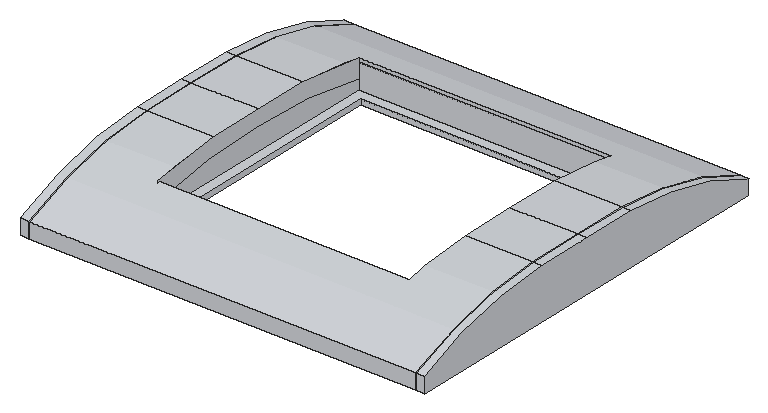
Revit family "Gira_0211768", category Electrical Fixtures, host Face, Revit 2017
Family settings
  Host = Face
  Maintain Annotation Orientation = No
  Round Connector Dimension = Use Diameter
  Part Type = Normal
  Cut with Voids When Loaded = No
  Shared = No
  Room Calculation Point = No
Parameters (values of type "Abdeckrahmen 1f Zwischenr. AN Gira Event Klar Braun")
  Werkstoffgüte = "Thermoplast"
  Werkstoff = "Kunststoff"
  URL = "http://katalog.gira.de/de_DE/datenblatt.html?artikelnr=0211768"
  Transparent = "No"
  Textfeld/Beschriftungsfläche = "No"
  Schutzart (IP) = "IP20"
  Region = "DE"
  Oberfläche = "sonstige"
  Name = "Abdeckrahmen 1f Zwischenr. AN Gira Event Klar Braun"
  Montagerichtung = "horizontal und vertikal"
  Mit Montagerahmen = "No"
  Mit Klappdeckel = "No"
  Manufacturer URL = "https://www.gira.de/"
  Keynote = "Event_Rahmen_1fach"
  HeinzeBIM = "https://bimportal.heinze.de/bim/abdeckrahmen-1f-zwischenr-an-gira-event-klar-braun/a0db26c7690a7e1c6b862dad71eb140b0b2715b0"
  Halogenfrei = "Yes"
  HAN = "0211768"
  Geeignet für Unterputz-Installation = "Yes"
  Geeignet für Unterflurkanaldose = "No"
  Geeignet für Geräteeinbaukanal = "No"
  Geeignet für Einbauinstallation = "No"
  GTIN = "4010337069447"
  Farbe = "braun"
  Default Elevation = 1219.2 mm
  Data sheet (1) = "https://katalog.gira.de/de_DE/download.html?artikelnr=0211768"
  Category = "Abdeckrahmen"
  Befestigungsart = "Klemmbefestigung"
  Available = "Yes"
  Ausführung der Oberfläche = "glänzend"
  Anzahl der Einheiten vertikal = "1 "
  Anzahl der Einheiten horizontal = "1 "
  Anzahl der Einheiten = "1 "
Reference planes
  plane 1 "Center (Front/Back)": y = 0
  plane 2: z = 0
  plane 3 "Center (Left/Right)": x = 0
Forms (mm)
  Extrusion 1, solid, detail levels fine
    sketch origin (0, 0, 1.55) x (0, 1, 0) y (0, 0, 1)
      loop
        arc (12.445, 9.683) -> (6.223, 9.833) -> (0, 9.85) r 291.636
        arc (0, 9.85) -> (-6.223, 9.833) -> (-12.445, 9.683) r 291.636
        arc (-12.445, 9.683) -> (-29.14, 7.482) -> (-45, 1.823) r 79.728
        line (-45, 1.823) -> (-45, -1.55) -> (-41.777, -1.55) -> (-41.777, -0.55)
        arc (-41.777, -0.55) -> (-21.205, 4.846) -> (0, 6.467) r 118.15
        arc (0, 6.467) -> (21.205, 4.846) -> (41.777, -0.55) r 118.15
        line (41.777, -0.55) -> (41.777, -1.55) -> (45, -1.55) -> (45, 1.823)
        arc (45, 1.823) -> (29.14, 7.482) -> (12.445, 9.683) r 79.728
    from -43 to 43
  Extrusion 2, void, detail levels fine
    sketch origin (0, 0, 0) x (1, 0, 0) y (0, 1, 0)
      loop
        line (-28, -28) -> (28, -28) -> (28, 28) -> (-28, 28) -> (-28, -28)
    from 2.85 to 12
  Extrusion 3, solid, detail levels coarse
    sketch origin (0, 0, 0) x (1, 0, 0) y (0, 1, 0)
      loop
        line (-45, 45) -> (-45, -45) -> (45, -45) -> (45, 45) -> (-45, 45)
    from 0 to 11.4
  Extrusion 4, solid, detail levels medium
    sketch origin (0, 0, 1.55) x (0, 1, 0) y (0, 0, 1)
      loop
        arc (12.445, 9.683) -> (6.223, 9.833) -> (0, 9.85) r 291.636
        arc (0, 9.85) -> (-6.223, 9.833) -> (-12.445, 9.683) r 291.636
        arc (-12.445, 9.683) -> (-29.14, 7.482) -> (-45, 1.823) r 79.728
        line (-45, 1.823) -> (-45, -1.55) -> (45, -1.55) -> (45, 1.823)
        arc (45, 1.823) -> (29.14, 7.482) -> (12.445, 9.683) r 79.728
    from -45 to 45
  Extrusion 5, solid, detail levels fine
    sketch origin (0, 0, 0) x (0, 1, 0) y (0, 0, 1)
      loop
        arc (45, 3.373) -> (29.14, 9.032) -> (12.445, 11.233) r 79.728
        arc (12.445, 11.233) -> (6.223, 11.383) -> (0, 11.4) r 291.636
        arc (0, 11.4) -> (-6.223, 11.383) -> (-12.445, 11.233) r 291.636
        arc (-12.445, 11.233) -> (-29.14, 9.032) -> (-45, 3.373) r 79.728
        line (-45, 3.373) -> (-45, 0) -> (45, 0) -> (45, 3.373)
    from 43 to 45
  Extrusion 6, solid, detail levels fine
    sketch origin (0, 0, 0) x (0, 1, 0) y (0, 0, -1)
      loop
        line (45, -3.373) -> (45, 0) -> (-45, 0) -> (-45, -3.373)
        arc (-45, -3.373) -> (-29.14, -9.032) -> (-12.445, -11.233) r 79.728
        arc (-12.445, -11.233) -> (-6.223, -11.383) -> (0, -11.4) r 291.636
        arc (0, -11.4) -> (6.223, -11.383) -> (12.445, -11.233) r 291.636
        arc (12.445, -11.233) -> (29.14, -9.032) -> (45, -3.373) r 79.728
    from 43 to 45
  Extrusion 7, solid, detail levels fine
    sketch origin (0, 0, 0) x (1, 0, 0) y (0, 1, 0)
      loop
        line (-25.7, 25.7) -> (-25.7, -25.7) -> (25.7, -25.7) -> (25.7, 25.7) -> (-25.7, 25.7)
      loop
        line (-29.495, 27.895) -> (-29.495, -27.895)
        spline (-29.495, -27.895) -> (-29.486, -28.025) -> (-29.461, -28.154) -> (-29.419, -28.278) -> (-29.361, -28.395) -> (-29.288, -28.504) -> (-29.202, -28.602) -> (-29.104, -28.688) -> (-28.995, -28.761) -> (-28.878, -28.819) -> (-28.754, -28.861) -> (-28.625, -28.886) -> (-28.495, -28.895)
        line (-28.495, -28.895) -> (28.495, -28.895)
        spline (28.495, -28.895) -> (28.625, -28.886) -> (28.754, -28.861) -> (28.878, -28.819) -> (28.995, -28.761) -> (29.104, -28.688) -> (29.202, -28.602) -> (29.288, -28.504) -> (29.361, -28.395) -> (29.419, -28.278) -> (29.461, -28.154) -> (29.486, -28.025) -> (29.495, -27.895)
        line (29.495, -27.895) -> (29.495, 27.895)
        spline (29.495, 27.895) -> (29.486, 28.025) -> (29.461, 28.154) -> (29.419, 28.278) -> (29.361, 28.395) -> (29.288, 28.504) -> (29.202, 28.602) -> (29.104, 28.688) -> (28.995, 28.761) -> (28.878, 28.819) -> (28.754, 28.861) -> (28.625, 28.886) -> (28.495, 28.895)
        line (28.495, 28.895) -> (-28.495, 28.895)
        spline (-28.495, 28.895) -> (-28.625, 28.886) -> (-28.754, 28.861) -> (-28.878, 28.819) -> (-28.995, 28.761) -> (-29.104, 28.688) -> (-29.202, 28.602) -> (-29.288, 28.504) -> (-29.361, 28.395) -> (-29.419, 28.278) -> (-29.461, 28.154) -> (-29.486, 28.025) -> (-29.495, 27.895)
    from 1.673 to 8.5
Cuts and joins
  Extrusion 2 cuts Extrusion 1
  Extrusion 2 cuts Extrusion 7
Dimensions and locks
  aligned and locked: plane 2 to host face
  aligned and locked: level to host face
